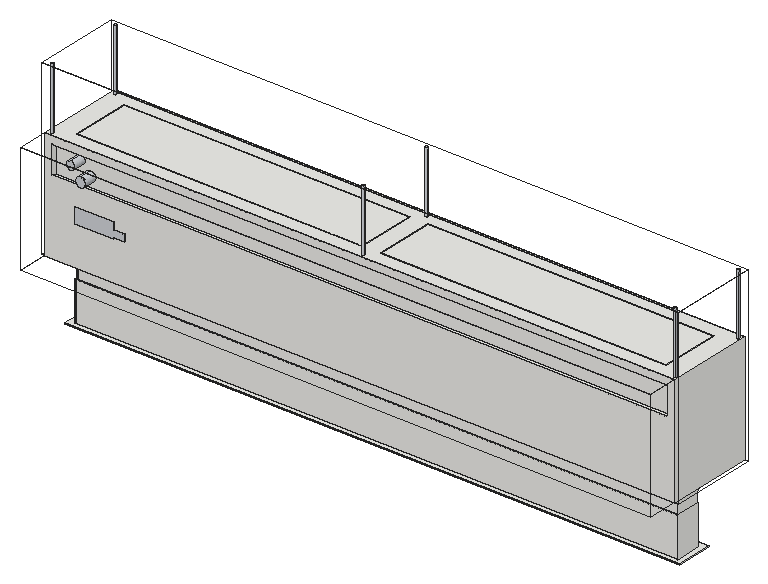
Revit family "AIRTECNICS_AIR CURTAIN_INVISAIR_DX-VRF_(MITSUBISHI ELECTRIC)123", category Mechanical Equipment, Revit 2016
Family settings
  Part Type = Normal
  Round Connector Dimension = Use Diameter
  OmniClass Number = 23.75.70.21.17
  OmniClass Title = Air Curtains
  Work Plane-Based = No
  Always vertical = Yes
  Cut with Voids When Loaded = No
  Shared = No
  Room Calculation Point = No
Parameters (values of type "IECG 2000 DX22-ME")
  · POSITION · [instance] = "-/ Select Curtain Position /-"  # constant formula
  · PIPES POSITION · [instance] = "-/ Select Pipes Position /-"  # constant formula
  · OTHERS · [instance] = "-/ Select Supports - Inst.Maint. Space /-"  # constant formula
  · KITS CONFIGURATION · [instance] = "-/ Configure Length Kit /-"  # constant formula
  · HEATING · = "-/ Select Heating /-"  # constant formula
  · EXTERNAL UNIT · [instance] = "-/ Select External Unit Type /-"  # constant formula
  · COIL ROWS · = "-/ Select DX Coil Rows /-"  # constant formula
  Weight [instance] = size_lookup(Name_Lookup_Data, "Weight", 1.00 kg, CM, CT, CH, CR, CDX)  # 89.00 kg
  Voltage [instance] = 230 V  # constant formula
  URL_Manufacturer = "https://www.airtecnics.com/"
  URL_Datasheet = "https://www.airtecnics.com/download/file/5889/invisair-dx-mitsubishi-electric-1-1-and-vrf.pdf"
  Triple Phase (External Ut.) [instance] = no
  Supports Length [instance] = 200.0 mm
  Supports (Horizontal) [instance] = yes
  Special Installation [instance] = no
  Single Phase (External Ut.) [instance] = not([Triple Phase (External Ut.)])  # yes
  Revit Version = "Revit 2016 - English"  # constant formula
  Review Date = "11/2018"  # constant formula
  Remote Control = "-"  # constant formula
  URL = "https://www.airtecnics.com/products/heat-pump-air-curtain-invisair-dx-for-mitsubishi-electric"
  Refrigerant Pipes_P4 [instance] = no
  Refrigerant Pipes_P3 [instance] = no
  Refrigerant Pipes_P2 (Stn) [instance] = if(or(Refrigerant Pipes_P1, Refrigerant Pipes_P3, Refrigerant Pipes_P4), 1 = 0, 1 = 1)  # yes
  Refrigerant Pipes_P1 [instance] = no
  Product Size = if(L = 1500.0 mm, "1500", if(L = 2000.0 mm, "2000", "2500"))  # "2000"
  Product Reference [instance] = size_lookup(Name_Lookup_Ref, "", "Consult Manufacturer", CM, CT, CH, CR, CDX)  # "IECG 2000 DX22-ME"
  Product Heating [instance] = if(DX 1:1, "Direct Expansion 1:1 system", "Direct Expansion VRF system")  # "Direct Expansion 1:1 system"
  Product Description [instance] = size_lookup(Name_Lookup_Data, "", "Consult Manufacturer", CM, CT, CH, CR, CDX)  # "Energy saving heat pump air curtain: Up to 70% reduction in costs and CO2 emissions (heating mode).\r\nSpecially designed for applications where the body of the air curtain is to be installed inside a column or bulkhead for architectural reasons. It can be vertically or horizontally mounted.\r\nSelf-supporting casing construction made of galvanized steel plate, finished in structural epoxy-polyester painting white colour RAL9016 as standard. Other colours or stainless steel are available on request. \r\nThe air flow of Invisair follows a straight line from the air inlet grille to the to the discharge. Inlet area inside a bulkhead or column should be designed with suitable grille provided by others.\r\nAnodized aluminium outlet vanes, airfoil shaped, adjustable from 0 to 15º each side.\r\nDouble-inlet centrifugal fans driven by an external rotor motor and low noise level. 5-speed selector. EC models assembled with very low consumption efficiency fans. \r\nIncludes only heating direct expansion coil with installed temperature sensors.\r\nPlug&Play control panel CS-5DX-NE slave DX with 5 speeds selector and 7m telephone cable included.\r\nReady to connect to MITSUBISHI ELECTRIC Standard and Power Inverter outdoor heat pump unit (R410A) with expansion valve, not included, the customer should purchase it.\r\nRequires PAC-IF012B-E MITSUBISHI ELECTRIC DX Interface KIT adapted for air curtain and PAR-33MAA programmable control, please consult.\r\nAir Volume: 4380 m3/h \r\nFans:  0,426 kW  3,72 A 230Vx1 50/60Hz\r\nHeating capacity: 22,40 kW\r\nDimensions: 285x570/620x2055 mm (depth, height, length), including telescopic outlet for easy installation.\r\nNOT SUPPLIED BY AIRTÈCNICS:\r\nPAC-IF012B-E Interface DX kit and PAR-33MAA programmable control.\r\nExternal unit:\r\n PUHZ-ZRP200YKAExternal unit with direct expansion valve Mitsubishi Electric, triple phase motor 400Vx3 50Hz.\r\nHeating capacity 22,4kW. Heating power: 6,94kW. COP 3,23.\r\nCooling capacity 19kW. Cooling power 6,46kW. EER 2,94.\r\nCooling circuits 1\" - 3/8\".\r\nMaximum length 100m.\r\nMaximum slope 30m."
  Power Fans Factor [instance] = size_lookup(Name_Lookup_Data, "Power Fans Factor", 1, CM, CT, CH, CR, CDX)  # 0.5
  Power Fans [instance] = size_lookup(Name_Lookup_Data, "Power Fans", 1 kW, CM, CT, CH, CR, CDX)  # 0.426 kW
  P = 1 = 1  # yes
  Outlet Kit Length [instance] = 0.0 mm
  Noise Level (dB(A)) [instance] = size_lookup(Name_Lookup_Data, "Noise Level (dB(A))", 1, CM, CT, CH, CR, CDX)  # 63
  Name_Lookup_Ref_EU = "INVISAIR_(DX)_ME_Ref_EU_Lookup"  # constant formula
  Name_Lookup_Ref = "INVISAIR_(DX)_ME_Ref_Lookup"  # constant formula
  Name_Lookup_Data4 = "INVISAIR_(DX)_ME_DXkit_Lookup"  # constant formula
  Name_Lookup_Data3 = "INVISAIR_(DX)_ME_Mainfolds_Lookup"  # constant formula
  Name_Lookup_Data2 = "INVISAIR_(DX)_ME_ExpValve_Lookup"  # constant formula
  Name_Lookup_Data = "INVISAIR_(DX)_ME_Data_Lookup"  # constant formula
  Model = "Air Curtain Invisair DX/VRF Mitsubishi Electric"  # constant formula
  Material Grille = AIRTECNICS_Perforated_Invisair_White RAL 9016
  Material Curtain [instance] = AIRTECNICS_White RAL 9016
  Mainfolds [instance] = size_lookup(Name_Lookup_Data3, "", "Consult Manufacturer", CM, CT, CH, CR, CDX)  # "1\" & 3/8"
  Length = if(L > 1500.0 mm, L + 55.0 mm, L + 50.0 mm)  # 2055.0 mm
  Kits Range [instance] = "Min. 210 mm / Max. 260 mm"  # constant formula
  Height [instance] = 570.0 mm + Outlet Kit Length - 210.0 mm + Depth - Depth  # 360.0 mm
  Heating Capacity [instance] = size_lookup(Name_Lookup_Data, "Heating Capacity", 1 kW, CM, CT, CH, CR, CDX)  # 22.4 kW
  Gas Coil Volume [instance] = size_lookup(Name_Lookup_Data, "Gas Coil Volume", 1.00 m³, CM, CT, CH, CR, CDX)  # 0.0041 m³
  G = 1 = 1  # yes
  Frequency = 50 Hz  # constant formula
  Fans Stage = 5  # constant formula
  Family Version = "1.0"  # constant formula
  External Ut. Reference [instance] = size_lookup(Name_Lookup_Ref_EU, "", "Consult Manufacturer", CM, CT, CH, CR, CEU, CDX)  # "Only Triple Phase"
  Expansion Valve [instance] = size_lookup(Name_Lookup_Data2, "", "Consult Manufacturer", CM, CT, CH, CR, CDX)  # "Included on External Unit"
  EC = 1 = 1  # yes
  Dn_Metric_Refrig_Liquid [instance] = size_lookup(Name_Lookup_Data3, "Dn_Liquid", 1 mm, CM, CT, CH, CR, CDX)  # 10 mm
  Dn_Metric_Refrig_Gas [instance] = size_lookup(Name_Lookup_Data3, "Dn_Gas", 1 mm, CM, CT, CH, CR, CDX)  # 25 mm
  Depth = 285.0 mm  # constant formula
  DX VRF = not(DX 1:1)  # no
  DX Kit [instance] = size_lookup(Name_Lookup_Data4, "", "Consult Manufacturer", CM, CT, CH, CR, CDX)  # "PAC-IF012B-E"
  DX Controller [instance] = "PAR-33MAA"  # constant formula
  DX Coil Rows = 4 = yes
  DX Coil Rows = 3 = not([DX Coil Rows = 4])  # no
  DX 1:1 = yes
  Current Fans [instance] = size_lookup(Name_Lookup_Data, "Current Fans", 1 A, CM, CT, CH, CR, CDX)  # 3.72 A
  Created by = "BIMETRICAL"  # constant formula
  Control [instance] = "CS-5DX-NE"  # constant formula
  Capacity_Frig_Liquid [instance] = 0.0 L/s
  Capacity_Frig_Gas [instance] = 0.0 L/s
  Cable = "CB7"  # constant formula
  CT [instance] = if(L = 1000.0 mm, 2, 0) + if(L = 1500.0 mm, 4, 0) + if(L = 2000.0 mm, 8, 0) + if(L = 2500.0 mm, 16, 0) + if(L = 3000.0 mm, 32, 0)  # 8
  CR [instance] = if([DX Coil Rows = 3], 4, 2)  # 2
  CM [instance] = 12
  CH [instance] = if(DX 1:1, 2, 4)  # 2
  CEU [instance] = if([Single Phase (External Ut.)], 2, 4)  # 2
  CDX = 0
  Aspiration/Maintenance Space [instance] = yes
  Apparent Load [instance] = size_lookup(Name_Lookup_Data, "Apparent Load", 1 VA, CM, CT, CH, CR, CDX)  # 568 VA
  Airflow [instance] = size_lookup(Name_Lookup_Data, "Airflow", 1 m³/h, CM, CT, CH, CR, CDX)  # 4380 m³/h
  L = 2000.0 mm
  Type Image = <None>
  IfcExportType = "DXCOOLINGCOIL"  # constant formula
  IfcExportAs = "IfcCoilType"  # constant formula
  Horizontal [instance] = 1 = 1  # yes
  Manufacturer = "AIRTECNICS"  # constant formula
  Description = ""
  Type Comments = "Energy saving heat pump air curtain: Up to 70% reduction in costs and CO2 emissions (heating mode).\r\nSpecially designed for applications where the body of the air curtain is to be installed inside a column or bulkhead for architectural reasons. It can be vertically or horizontally mounted.\r\nSelf-supporting casing construction made of galvanized steel plate, finished in structural epoxy-polyester painting white colour RAL9016 as standard. Other colours or stainless steel are available on request.\r\nThe air flow of Invisair follows a straight line from the air inlet grille to the to the discharge. Inlet area inside a bulkhead or column should be designed with suitable grille provided by others.\r\nAnodized aluminium outlet vanes, airfoil shaped, adjustable from 0 to 15º each side.\r\nDouble-inlet centrifugal fans driven by an external rotor motor and low noise level. 5-speed selector. EC models assembled with very low consumption efficiency fans.\r\nIncludes only heating direct expansion coil with installed temperature sensors.\r\nPlug&Play control panel CS-5DX-NE slave DX with 5 speeds selector and 7m telephone cable included.\r\nDX 1:1:\r\nReady to connect to MITSUBISHI ELECTRIC Standard and Power Inverter outdoor heat pump unit (R410A) with expansion valve, not included, the customer should purchase it.\r\nRequires MITSUBISHI ELECTRIC DX Interface KIT adapted for air curtain and programmable control, please consult.\r\nDX VRF:\r\nReady to connect to MITSUBISHI ELECTRIC VRF outdoor heat pump unit (R410A), not included, the customer should purchase it.\r\nRequires MITSUBISHI ELECTRIC VRF Interface KIT adapted for air curtain with expansion valve and programmable control, please consult.\r\n"  # constant formula
  BIMETRICAL Category = "Coil"  # constant formula
  BIMETRICAL = "http://www.bimetrical.com"  # constant formula
Reference planes
  plane 1 "Centro (Frontal/Posterior)": z = 0
  plane 2: y = 246.57
  plane 3 "Centro (Izquierda/Derecha)": x = 0
Nested families
  nested 1: "GEOM_INVISAIR_(DX)" at (0, 246.57, 0), Outlet Kit Lenght <- "Outlet Kit Length", Supports (Horizontal) <- "Supports (Horizontal)", Aspiration/Maintenance Space <- "Aspiration/Maintenance Space", P1 <- "Refrigerant Pipes_P1", P3 <- "Refrigerant Pipes_P3", P4 <- "Refrigerant Pipes_P4", SPCI <- "Special Installation", type "GEOM_INVISAIR_(DX)"
    with Vertical Right no, Vertical Left no, VSUP yes, VPE no, VPD no, Supports (Horizontal) yes, STNI yes, SPCI no, P4 no, P3 no, P2 yes, P1 no, Outlet Kit Lenght 0.0 mm, OKL 210.0 mm, L3 10.0 mm, L2 10.0 mm, L1 176.22 mm, Horizontal yes, C_P 2, C_L 4, CH_4 235.0 mm, CH_3 37.0 mm, CH_2 139.0 mm, CH_1 275.86 mm, CC_4 50.0 mm, CC_3 221.89 mm, CC_2 106.0 mm, CC_1 313.83 mm, Aspiration/Maintenance Space yes, AH -90.00°, AC -90.00°, L* 2055.0 mm, L 2000.0 mm
Connectors
  electrical at (-825.125, 103.07, 148.65), driven by "Voltage", driven by "Apparent Load", driven by "Power Fans Factor"
    settings: on nested 1, index 1, voltage 230 V, apparent load 568 VA, apparent load phase1 0 VA, apparent load phase2 0 VA, apparent load phase3 0 VA, power factor 0.5, load classification "HVAC", number of poles 1, system type 30, power factor state 1, is connector primary yes, connector utility no, sub classification motor no, connector description ""
  piping at (-921.5, 77.18, 313.889), diameter 10, driven by "Capacity_Frig_Liquid", driven by "Dn_Metric_Refrig_Liquid"
    settings: on nested 1, index 2, connector inside diameter 609.6 mm, connector length 0.0 mm, flow factor 0, pipe flow 0.0 L/s, pressure drop 0.0 Pa, fitting loss kfactor 0, connector angle 0.00°, fixture units 0, engagement length 0.0 mm, angle of deflection 0.00°, flow configuration 1, flow direction 2, fitting loss method 0, system type 8, joint type 0, gender type 0, connector reference index -1, connector utility 0, adjustable connector no, is connector primary yes, connector description "Out"
  piping at (-888.5, 77.07, 275.86), diameter 25, driven by "Capacity_Frig_Gas", driven by "Dn_Metric_Refrig_Gas"
    settings: on nested 1, index 3, connector inside diameter 609.6 mm, connector length 0.0 mm, flow factor 0, pipe flow 0.0 L/s, pressure drop 0.0 Pa, fitting loss kfactor 0, connector angle 0.00°, fixture units 0, engagement length 0.0 mm, angle of deflection 0.00°, flow configuration 1, flow direction 1, fitting loss method 0, system type 7, joint type 0, gender type 0, connector reference index -1, connector utility 0, adjustable connector no, is connector primary no, connector description "In"
Definition of nested family "GEOM_INVISAIR_(DX)"
  Parameters (values of type "GEOM_INVISAIR_(DX)")
    Vertical Right [instance] = 1 = 0  # no
    Vertical Left [instance] = 1 = 0  # no
    VSUP [instance] = if(and(Horizontal, [Supports (Horizontal)]), 1 = 1, 1 = 0)  # yes
    VPE [instance] = Vertical Left  # no
    VPD [instance] = Vertical Right  # no
    Supports Length = 200.0 mm
    Supports (Horizontal) [instance] = yes
    STNI [instance] = not(SPCI)  # yes
    SPCI [instance] = no
    Revit Version = "Revit 2016 - English"  # constant formula
    Review Date = "11/2018"  # constant formula
    P4 [instance] = yes
    P3 [instance] = no
    P2 [instance] = not(or(P1, P3, P4))  # no
    P1 [instance] = no
    P = 1 = 1  # yes
    Outlet Kit Lenght [instance] = 210.0 mm
    OKL [instance] = if(Outlet Kit Lenght > 260.0 mm, 260.0 mm, if(Outlet Kit Lenght < 210.0 mm, 210.0 mm, Outlet Kit Lenght))  # 210.0 mm
    Name_CH = "CH_Dimensions_Lookup"  # constant formula
    Name_CC = "CC_Dimensions_Lookup"  # constant formula
    Model = "INVISAIR (DX)"  # constant formula
    Material Grille = none
    Material Curtain = none
    Manufacturer = "AIRTECNICS"  # constant formula
    L_sup = if(Supports Length = 0.0 mm, 1.0 mm, Supports Length)  # 200.0 mm
    L6 = 0.0 mm  # constant formula
    L5 = 0.0 mm  # constant formula
    L4 = 0.0 mm  # constant formula
    L3 [instance] = if(and(P, P4), 100.0 mm, 10.0 mm)  # 100.0 mm
    L2 [instance] = if(and(P, P1), 100.0 mm, 10.0 mm)  # 10.0 mm
    L1 [instance] = if(STNI, 176.22 mm, 108.78 mm)  # 176.22 mm
    L* = if(L < 2000.0 mm, L + 50.0 mm, L + 55.0 mm)  # 1550.0 mm
    L = 1500.0 mm
    Horizontal [instance] = 1 = 1  # yes
    Family Version = "1.0"  # constant formula
    Default Elevation = 1219.2 mm
    D_P = 20.00 mm
    Created by = "BIMETRICAL"  # constant formula
    C_P [instance] = if(P1, 1, 0) + if(P2, 2, 0) + if(P3, 4, 0) + if(P4, 8, 0)  # 8
    C_L [instance] = if(L = 1500.0 mm, 2, 0) + if(L = 2000.0 mm, 4, 0) + if(L = 2500.0 mm, 8, 0)  # 2
    CH_4 [instance] = size_lookup(Name_CH, "CH_4", 235.0 mm, C_L, C_P)  # 50.0 mm
    CH_3 [instance] = size_lookup(Name_CH, "CH_3", 37.0 mm, C_L, C_P)  # 106.0 mm
    CH_2 [instance] = size_lookup(Name_CH, "CH_2", 139.0 mm, C_L, C_P)  # 1444.0 mm
    CH_1 [instance] = size_lookup(Name_CH, "CH_1", 275.86 mm, C_L, C_P)  # 277.52 mm
    CC_4 [instance] = size_lookup(Name_CC, "CC_4", 50.0 mm, C_L, C_P)  # 235.0 mm
    CC_3 [instance] = size_lookup(Name_CC, "CC_3", 221.89 mm, C_L, C_P)  # 139.17 mm
    CC_2 [instance] = size_lookup(Name_CC, "CC_2", 106.0 mm, C_L, C_P)  # 1410.83 mm
    CC_1 [instance] = size_lookup(Name_CC, "CC_1", 313.86 mm, C_L, C_P)  # 307.52 mm
    BIMETRICAL = "http://www.bimetrical.com/"  # constant formula
    B1 = 0.0 mm  # constant formula
    B = 0.0 mm  # constant formula
    Aspiration/Maintenance Space [instance] = yes
    AH [instance] = size_lookup(Name_CH, "AH", 90.00°, C_L, C_P)  # 180.00°
    AC [instance] = size_lookup(Name_CC, "AC", 90.00°, C_L, C_P)  # 180.00°
    A = 0.0 mm  # constant formula
  Reference planes
    plane 1 "Centro (Frontal/Posterior)": y = 0
    plane 2: z = 0
    plane 3 "Centro (Izquierda/Derecha)": x = 0
    plane 4: y = 142.5
    plane 5: y = -142.5
    plane 6: x = -775
    plane 7: x = 775
    plane 8: z = 360
    plane 9: x = -751
    plane 10: x = 751
    plane 11: z = 337
    plane 12: x = -708
    plane 13: x = 708
    plane 14: x = 30
    plane 15: x = -30
    plane 16: y = -96.75
    plane 17: y = 96.75
    plane 18: z = 307.52
    plane 19: z = 277.52
    plane 20: x = 635.83
    plane 21: x = 669
    plane 22: y = -92.5
    plane 23: y = 92.5
    plane 24: x = -762.5
    plane 25: x = 762.5
    plane 26: y = 128.5
    plane 27: y = -128.5
  Forms (mm)
    Extrusion 1, solid, material <- "Material Curtain"
      sketch origin (-1376.546, -1524, 270) x (-1, 0, 0) y (0, -1, 0)
        loop
          line (-601.546, -1666.5) -> (-601.546, -1381.5) -> (-2151.546, -1381.5) -> (-2151.546, -1666.5) -> (-601.546, -1666.5)
      from -270 to 90
    Extrusion 2, void
      sketch origin (-1776.211, -142.5, 1200) x (1, 0, 0) y (0, 0, -1)
        loop
          line (1025.211, 863) -> (2527.211, 863) -> (2527.211, 956) -> (1025.211, 956) -> (1025.211, 863)
      from 13 to 0
    Extrusion 3, void
      sketch origin (-1504.338, -1524, 360) x (-1, 0, 0) y (0, -1, 0)
        loop
          line (-796.338, -1620.75) -> (-796.338, -1427.25) -> (-1474.338, -1427.25) -> (-1474.338, -1620.75) -> (-796.338, -1620.75)
        loop
          line (-1534.338, -1620.75) -> (-1534.338, -1427.25) -> (-2212.338, -1427.25) -> (-2212.338, -1620.75) -> (-1534.338, -1620.75)
      from 0 to -13
    Extrusion 4, solid, material <- "Material Grille"
      sketch origin (-1504.338, -1524, 360) x (-1, 0, 0) y (0, -1, 0)
        loop
          line (-796.338, -1620.75) -> (-796.338, -1427.25) -> (-1474.338, -1427.25) -> (-1474.338, -1620.75) -> (-796.338, -1620.75)
        loop
          line (-1534.338, -1620.75) -> (-1534.338, -1427.25) -> (-2212.338, -1427.25) -> (-2212.338, -1620.75) -> (-1534.338, -1620.75)
      from 0 to -2
    Extrusion 5, solid
      sketch origin (-1776.211, -142.5, 1200) x (-1, 0, 0) y (0, 0, -1)
        loop
          line (-1226.124, 1071.5) -> (-1226.298, 1067.5) -> (-1263.211, 1067.5) -> (-1263.211, 1044.2) -> (-1226.211, 1044.2) -> (-1226.211, 1022.2) -> (-1098.711, 1022.2) -> (-1098.711, 1071.5) -> (-1226.124, 1071.5)
      from 0 to 1
    Extrusion 6, solid, visible <- "P"
      sketch origin (775, -92.5, 307.52) x (0, 0, 1) y (0, -1, 0)
        loop
          circle (0.059, 0) r 13.5
      from 0 to 40
    Extrusion 7, solid, visible <- "P"
      sketch origin (775, 92.5, 278.518) x (0, 0, 1) y (0, -1, 0)
        loop
          circle (-0.998, 0) r 15.5
      from 0 to 40
    Extrusion 8, solid, visible <- "Aspiration/Maintenance Space"
      sketch origin (-1776.211, -142.5, 1200) x (-1, 0, 0) y (0, 0, -1)
        loop
          line (-1001.211, 1200) -> (-1001.211, 840) -> (-2551.211, 840) -> (-2551.211, 1200) -> (-2651.211, 1200) -> (-2651.211, 640) -> (-991.211, 640) -> (-991.211, 1200) -> (-1001.211, 1200)
      from 0 to -285
    Extrusion 9, solid, visible <- "Aspiration/Maintenance Space"
      sketch origin (-1776.211, -142.5, 1200) x (-1, 0, 0) y (0, 0, -1)
        loop
          line (-1001.211, 840) -> (-1001.211, 1200) -> (-2551.211, 1200) -> (-2551.211, 840) -> (-1001.211, 840)
      from 0 to 100
    Extrusion 10, solid, visible <- "VSUP"
      sketch origin (-1504.338, -1524, 360) x (-1, 0, 0) y (0, -1, 0)
        loop
          circle (-741.838, -1652.5) r 4
        loop
          circle (-741.838, -1395.5) r 4
        loop
          circle (-1504.338, -1395.5) r 4
        loop
          circle (-1504.338, -1652.5) r 4
        loop
          circle (-2266.838, -1652.5) r 4
        loop
          circle (-2266.838, -1395.5) r 4
      from -1 to 200
  Cuts and joins
    Extrusion 2, Extrusion 3 cuts Extrusion 1
  Lines and regions (mm)
    reference lines
      curve 1: line (635.83, -92.5, 307.52) -> (775, -92.5, 307.52)
      curve 2: line (669, 92.5, 277.52) -> (775, 92.5, 277.52)
    symbolic lines
      curve 3: line (-775, 142.5, 277.52) -> (775, 142.5, 277.52)
      curve 4: line (-775, -142.5, 277.52) -> (-775, 142.5, 277.52)
      curve 5: line (775, -142.5, 277.52) -> (-775, -142.5, 277.52)
      curve 6: line (775, 142.5, 277.52) -> (775, -142.5, 277.52)
      curve 7: line (-721, -15.69, 277.52) -> (721, -15.69, 277.52)
      curve 8: line (-721, -23.386, 277.52) -> (-721, -15.69, 277.52)
      curve 9: line (721, -23.386, 277.52) -> (-721, -23.386, 277.52)
      curve 10: line (721, -15.69, 277.52) -> (721, -23.386, 277.52)
      curve 11: line (721, -44.054, 277.52) -> (-721, -44.054, 277.52)
      curve 12: line (721, -51.746, 277.52) -> (721, -44.054, 277.52)
      curve 13: line (-721, -51.746, 277.52) -> (721, -51.746, 277.52)
      curve 14: line (-721, -44.054, 277.52) -> (-721, -51.746, 277.52)
    symbolic lines, visible <- "Aspiration/Maintenance Space"
      curve 15: line (-775, 142.5, 277.52) -> (-785, 142.5, 277.52)
      curve 16: line (-785, 142.5, 277.52) -> (-785, -142.5, 277.52)
      curve 17: line (-785, -142.5, 277.52) -> (-775, -142.5, 277.52)
      curve 18: line (775, 142.5, 277.52) -> (875, 142.5, 277.52)
      curve 19: line (875, 142.5, 277.52) -> (875, -142.5, 277.52)
      curve 20: line (875, -142.5, 277.52) -> (775, -142.5, 277.52)
      curve 21: line (-775, -142.5, 277.52) -> (-775, -242.5, 277.52)
      curve 22: line (-775, -242.5, 277.52) -> (775, -242.5, 277.52)
      curve 23: line (775, -242.5, 277.52) -> (775, -142.5, 277.52)
      curve 24: line (-775, -142.5, 0) -> (-785, -142.5, 0)
      curve 25: line (-785, -142.5, 0) -> (-785, -142.5, 560)
      curve 26: line (-785, -142.5, 560) -> (875, -142.5, 560)
      curve 27: line (875, -142.5, 560) -> (875, -142.5, 0)
      curve 28: line (875, -142.5, 0) -> (775, -142.5, 0)
      curve 29: line (-775, -142.5, 0) -> (-775, -242.5, 0)
      curve 30: line (-775, -242.5, 0) -> (-775, -242.5, 360)
      curve 31: line (-775, -242.5, 360) -> (-775, -142.5, 360)
      curve 32: line (-775, -142.5, 360) -> (-775, -142.5, 560)
      curve 33: line (-775, -142.5, 560) -> (-775, 142.5, 560)
      curve 34: line (-775, 142.5, 560) -> (-775, 142.5, 360)
  Dimensions and locks
    equal spacing: plane 5, plane 1 "Centro (Frontal/Posterior)", plane 4
    locked: plane 5 to plane 4 at 285
    equal spacing: plane 6, plane 3 "Centro (Izquierda/Derecha)", plane 7
    "L*": plane 6 to plane 7
    locked: plane 8 to plane 2 at 360
    locked: plane 9 to plane 6 at 24
    locked: plane 10 to plane 7 at 24
    locked: plane 8 to plane 11 at 23
    locked: plane 6 to plane 12 at 67
    plane 13 to plane 7 = 67.0 mm
    plane 3 "Centro (Izquierda/Derecha)" to plane 14 = 30.0 mm
    plane 3 "Centro (Izquierda/Derecha)" to plane 15 = 30.0 mm
    locked: plane 16 to plane 5 at 45.75
    locked: plane 17 to plane 4 at 45.75
    locked: plane 11 to Extrusion 2 sketch curve at 93
    "CC_1": plane 18 to level
    "CH_1": plane 19 to level
    "CC_2": plane 20 to plane 6
    "CH_2": plane 21 to plane 6
    "CC_4": plane 4 to plane 22
    "CH_4": plane 4 to plane 23
    "CC_3": curve 1 to curve 1
    "CH_3": curve 2 to curve 2
    locked: level to nested 1 at 0
    "L1": plane 4 to nested 1
    "L2": plane 6 to Extrusion 8 sketch curve
    "L3": plane 7 to Extrusion 8 sketch curve
    locked: plane 6 to plane 24 at 12.5
    locked: plane 25 to plane 7 at 12.5
    locked: plane 4 to plane 26 at 14
    locked: plane 5 to plane 27 at 14
    "Supports Length": Extrusion 10 to plane 8
    locked: Extrusion 5 sketch curve to plane 6 at 97.5
    locked: Extrusion 5 sketch curve to plane 6 at 262
    Extrusion 9 to plane 20 = 1410.83 mm
    Extrusion 9 to plane 21 = 106.0 mm
    diameter of Extrusion 7 sketch curve = 31.0 mm
    diameter of Extrusion 6 sketch curve = 27.0 mm
    "AC": angle curve 1 to plane 22
    "AH": angle curve 2 to plane 23
    aligned and locked: level to plane 2
    aligned and locked: Extrusion 1 sketch curve to plane 4
    aligned and locked: plane 6 to Extrusion 1 sketch curve
    aligned and locked: Extrusion 1 sketch curve to plane 5
    aligned and locked: plane 7 to Extrusion 1 sketch curve
    aligned and locked: Extrusion 1 to level
    aligned and locked: plane 8 to Extrusion 1
    aligned and locked: plane 9 to Extrusion 2 sketch curve
    aligned and locked: plane 10 to Extrusion 2 sketch curve
    aligned and locked: plane 5 to cut or joined group of Extrusion 1, Extrusion 2, Extrusion 3
    aligned and locked: plane 17 to Extrusion 3 sketch curve  (x2)
    aligned and locked: plane 12 to Extrusion 3 sketch curve
    aligned and locked: plane 16 to Extrusion 3 sketch curve  (x2)
    aligned and locked: Extrusion 3 sketch curve to plane 15
    aligned and locked: Extrusion 3 sketch curve to plane 14
    aligned and locked: plane 13 to Extrusion 3 sketch curve
    aligned and locked: plane 12 to Extrusion 4 sketch curve
    aligned and locked: plane 17 to Extrusion 4 sketch curve
    aligned and locked: plane 13 to Extrusion 4 sketch curve
    aligned and locked: Extrusion 4 sketch curve to plane 14
    aligned and locked: Extrusion 4 sketch curve to plane 15
    aligned and locked: plane 22 to curve 1
    aligned and locked: plane 20 to curve 1
    aligned and locked: plane 23 to curve 2
    aligned and locked: plane 21 to curve 2
    aligned and locked: Extrusion 5 to plane 5
    aligned and locked: curve 3 to cut or joined group of Extrusion 1, Extrusion 2, Extrusion 3
    aligned and locked: curve 4 to cut or joined group of Extrusion 1, Extrusion 2, Extrusion 3
    aligned and locked: curve 5 to cut or joined group of Extrusion 1, Extrusion 2, Extrusion 3
    aligned and locked: curve 6 to cut or joined group of Extrusion 1, Extrusion 2, Extrusion 3
    aligned and locked: curve 8 to nested 1
    aligned and locked: curve 9 to nested 1
    aligned and locked: curve 10 to nested 1
    aligned and locked: curve 11 to nested 1
    aligned and locked: curve 12 to nested 1
    aligned and locked: curve 13 to nested 1
    aligned and locked: curve 14 to nested 1
    aligned and locked: Extrusion 9 sketch curve to cut or joined group of Extrusion 1, Extrusion 2, Extrusion 3  (x2)
    aligned and locked: curve 19 to Extrusion 8
    aligned and locked: curve 22 to Extrusion 9
    aligned and locked: Extrusion 9 to plane 6
    aligned and locked: curve 27 to Extrusion 8
    aligned and locked: plane 24 to Extrusion 10 sketch curve
    aligned and locked: plane 26 to Extrusion 10 sketch curve  (x3)
    aligned and locked: plane 27 to Extrusion 10 sketch curve  (x3)
    aligned and locked: plane 3 "Centro (Izquierda/Derecha)" to Extrusion 10 sketch curve
    aligned and locked: curve 25 to Extrusion 8
    aligned and locked: curve 16 to Extrusion 8
    aligned and locked: plane 7 to Extrusion 9 sketch curve
  Automatic sketch dimensions
    Extrusion 2 sketch curve to plane 11 = 0.0 mm
    plane 17 to Extrusion 4 sketch curve = 0.0 mm
    Extrusion 4 sketch curve to plane 16 = 0.0 mm  (x2)
    Extrusion 5 sketch curve to Extrusion 5 sketch curve = 36.913 mm
    Extrusion 5 sketch curve to Extrusion 5 sketch curve = 0.087 mm
    Extrusion 5 sketch curve to Extrusion 5 sketch curve = 0.175 mm
    Extrusion 5 sketch curve to level = 128.5 mm
    Extrusion 5 sketch curve to Extrusion 5 sketch curve = 4.0 mm
    Extrusion 5 sketch curve to Extrusion 5 sketch curve = 23.3 mm
    Extrusion 5 sketch curve to Extrusion 5 sketch curve = 49.3 mm
    curve 8 to curve 8 = 7.696 mm
    Extrusion 9 sketch curve to level = 0.0 mm
    curve 28 to level = 0.0 mm
    plane 7 to curve 28 = 0.0 mm
    curve 24 to plane 6 = 0.0 mm
    curve 25 to level = 0.0 mm
    curve 26 to plane 8 = 200.0 mm
    Extrusion 10 sketch curve to plane 25 = 0.0 mm  (x2)
    Extrusion 10 sketch curve to plane 3 "Centro (Izquierda/Derecha)" = 0.0 mm
    Extrusion 10 sketch curve to plane 24 = 0.0 mm
    plane 18 to Extrusion 6 sketch curve = 0.059 mm
    Extrusion 7 sketch curve to plane 19 = 0.0 mm
    Extrusion 6 sketch curve to plane 22 = 0.0 mm
    Extrusion 7 sketch curve to plane 23 = 0.0 mm
    curve 30 to plane 8 = 0.0 mm
    curve 29 to plane 5 = 0.0 mm
    curve 31 to plane 5 = 0.0 mm
    curve 33 to plane 4 = 0.0 mm
    curve 34 to plane 8 = 0.0 mm
    curve 31 to curve 31 = 100.0 mm
    level to curve 30 = 0.0 mm
    plane 8 to curve 33 = 200.0 mm
    plane 7 to Extrusion 8 sketch curve = 0.0 mm
    Extrusion 8 sketch curve to level = 0.0 mm  (x2)
    Extrusion 8 sketch curve to plane 6 = 0.0 mm
    Extrusion 8 sketch curve to plane 8 = 0.0 mm
    Extrusion 8 sketch curve to plane 8 = 200.0 mm
    radius of Extrusion 10 sketch curve = 4.0 mm  (x6)
  Nested families
    nested 1: "GEOM_INVISAIR_OUTLET KIT" at (0, -280.29, -210), L <- "L", Outlet Kit Length <- "OKL", Material <- "Material Curtain", type "Outlet Kit"
      with Vi3 yes, Vi2 no, Vi1 yes, Outlet Kit Length 210.0 mm, Material none, L-45 1454.0 mm, L-39 1460.0 mm, L-2 1498.0 mm, L-16 1496.0 mm, L* 1550.0 mm, L 1500.0 mm
  Definition of nested family "GEOM_INVISAIR_OUTLET KIT"
    Parameters (values of type "Outlet Kit")
      Vi3 [instance] = yes
      Vi2 [instance] = if(L > 2200.0 mm, 1 = 1, 1 = 0)  # no
      Vi1 [instance] = if(L > 2200.0 mm, 1 = 0, 1 = 1)  # yes
      URL = "https://www.airtecnics.com/products/air-curtain-windbox-m-g"
      Revit Version = "Revit 2016 - English"  # constant formula
      Review Date = "10/18"  # constant formula
      Model = "Outlet Kit"  # constant formula
      Outlet Kit Length [instance] = 210.0 mm
      Material [instance] = none
      L-45 [instance] = [L*] - 96.0 mm  # 1454.0 mm
      L-39 [instance] = [L*] - 90.0 mm  # 1460.0 mm
      L-2 [instance] = [L*] - 52.0 mm  # 1498.0 mm
      L-16 [instance] = [L*] - 54.0 mm  # 1496.0 mm
      Type Image = (empty or 0)
      Manufacturer = "AIRTECNICS"  # constant formula
      Li1 = 1.0 mm
      L* [instance] = if(L < 2000.0 mm, L + 50.0 mm, L + 55.0 mm)  # 1550.0 mm
      L [instance] = 1500.0 mm
      Family Version = "1.0"  # constant formula
      Description = "AIRTECNICS_Air curtain Windbox M,G"  # constant formula
      Type Comments = ""
      Default Elevation = 1219.2 mm
      Created by = "BIMETRICAL"  # constant formula
      BIMETRICAL Category = "Fan"  # constant formula
      BIMETRICAL = "http://www.bimetrical.com/"  # constant formula
    Reference planes
      plane 1 "Centro (Frontal/Posterior)": z = 0
      plane 2: y = 246.57
      plane 3 "Centro (Izquierda/Derecha)": x = 0
      plane 4: x = -775
      plane 5: x = 775
      plane 6: x = -749
      plane 7: x = 749
      plane 8: x = -730
      plane 9: x = 730
      plane 10: x = 727
      plane 11: x = -727
      plane 12: z = 1
      plane 13: y = 205.57
      plane 14: y = 194.57
      plane 15: y = 284.07
      plane 16: y = 298.57
      plane 17: y = 209.07
      plane 18: y = 287.57
      plane 19: z = 209
      plane 20: z = 210
      plane 21: z = 109.617
      plane 22: z = 130
      plane 23: y = 187.07
      plane 24: y = 306.07
      plane 25: x = -748
      plane 26: x = 748
      plane 27: x = -721
      plane 28: x = 721
      plane 29: x = -242.333
      plane 30: x = 242.333
    Forms (mm)
      Extrusion 1, solid, material <- "Material"
        sketch origin (0, -0.907, 0) x (0, 1, 0) y (0, 0, 1)
          loop
            arc (237.142, 59.981) -> (233.296, 64) -> (229.45, 59.981) r 3.85
            line (229.45, 59.981) -> (231.847, 5.386)
            arc (231.847, 5.386) -> (233.296, 4) -> (234.745, 5.386) r 1.45
            line (234.745, 5.386) -> (237.142, 59.981)
          loop
            arc (265.503, 59.981) -> (261.656, 64) -> (257.81, 59.981) r 3.85
            line (257.81, 59.981) -> (260.208, 5.386)
            arc (260.208, 5.386) -> (261.656, 4) -> (263.105, 5.386) r 1.45
            line (263.105, 5.386) -> (265.503, 59.981)
        from -721 to 721
      Extrusion 2, solid, material <- "Material"
        sketch origin (0, 0, 0) x (1, 0, 0) y (0, 1, 0)
          loop
            line (-749, 306.07) -> (-749, 187.07) -> (749, 187.07) -> (749, 306.07) -> (-749, 306.07)
          loop
            line (-730, 205.57) -> (730, 205.57) -> (730, 287.57) -> (-730, 287.57) -> (-730, 205.57)
        from 0 to 1
      Extrusion 3, solid, material <- "Material", visible <- "Vi3"
        sketch origin (0, 0, 0) x (1, 0, 0) y (0, 1, 0)
          loop
            line (-730, 287.57) -> (-730, 205.57) -> (730, 205.57) -> (730, 287.57) -> (-730, 287.57)
          loop
            line (-729, 206.57) -> (729, 206.57) -> (729, 286.57) -> (-729, 286.57) -> (-729, 206.57)
        from 130 to 0
      Extrusion 4, solid, visible <- "Vi1", not visible
        sketch origin (-8, -340.372, 21.524) x (0, 1, 0) y (0, 0, 1)
          loop
            line (332.442, 36.84) -> (332.442, 4.84) -> (364.442, 4.84) -> (364.442, 36.84) -> (332.442, 36.84)
        from -1.5 to 4.5
      Extrusion 5, solid, visible <- "Vi1", not visible
        sketch origin (-4, -340.372, 2.371) x (0, 1, 0) y (0, 0, 1)
          loop
            line (310.942, 75.234) -> (310.942, 5.234) -> (385.942, 5.234) -> (385.942, 75.234) -> (310.942, 75.234)
        from 0.5 to 16.5
      Extrusion 6, solid, visible <- "Vi1", not visible
        sketch origin (-3.189, -340.372, 21.13) x (0, 1, 0) y (0, 0, 1)
          loop
            line (332.442, 37.234) -> (332.442, 5.234) -> (364.442, 5.234) -> (364.442, 37.234) -> (332.442, 37.234)
        from 15.689 to 21.689
      Extrusion 7, solid, visible <- "Vi1"
        sketch origin (-12.5, -101.872, 13.918) x (0, 1, 0) y (0, 0, 1)
          loop
            line (332.442, 36.84) -> (332.442, 4.84) -> (364.442, 4.84) -> (364.442, 36.84) -> (332.442, 36.84)
        from -1.5 to 4.5
      Extrusion 8, solid, visible <- "Vi1"
        sketch origin (-8.5, -101.872, -5.234) x (0, 1, 0) y (0, 0, 1)
          loop
            line (310.942, 75.234) -> (310.942, 5.234) -> (385.942, 5.234) -> (385.942, 75.234) -> (310.942, 75.234)
        from 0.5 to 16.5
      Extrusion 9, solid, visible <- "Vi1"
        sketch origin (-7.689, -101.872, 13.524) x (0, 1, 0) y (0, 0, 1)
          loop
            line (332.442, 37.234) -> (332.442, 5.234) -> (364.442, 5.234) -> (364.442, 37.234) -> (332.442, 37.234)
        from 15.689 to 21.689
      Extrusion 10, solid, visible <- "Vi2"
        sketch origin (-234.042, -101.872, 13.766) x (0, 1, 0) y (0, 0, 1)
          loop
            line (332.442, 36.993) -> (332.442, 4.993) -> (364.442, 4.993) -> (364.442, 36.993) -> (332.442, 36.993)
        from -22.292 to -16.292
      Extrusion 11, solid, visible <- "Vi2"
        sketch origin (-237.395, -101.872, -5.234) x (0, 1, 0) y (0, 0, 1)
          loop
            line (310.942, 75.234) -> (310.942, 5.234) -> (385.942, 5.234) -> (385.942, 75.234) -> (310.942, 75.234)
        from -12.939 to 3.061
      Extrusion 12, solid, visible <- "Vi2"
        sketch origin (-257.072, -101.872, 13.524) x (0, 1, 0) y (0, 0, 1)
          loop
            line (332.442, 37.234) -> (332.442, 5.234) -> (364.442, 5.234) -> (364.442, 37.234) -> (332.442, 37.234)
        from 22.739 to 28.739
      Extrusion 13, solid, visible <- "Vi2", not visible
        sketch origin (-404.625, -340.372, -84.071) x (0, 1, 0) y (0, 0, 1)
          loop
            line (332.442, 36.993) -> (332.442, 4.993) -> (364.442, 4.993) -> (364.442, 36.993) -> (332.442, 36.993)
        from -22.292 to -16.292
      Extrusion 14, solid, visible <- "Vi2", not visible
        sketch origin (-407.978, -340.372, -103.071) x (0, 1, 0) y (0, 0, 1)
          loop
            line (310.942, 75.234) -> (310.942, 5.234) -> (385.942, 5.234) -> (385.942, 75.234) -> (310.942, 75.234)
        from -12.939 to 3.061
      Extrusion 15, solid, visible <- "Vi2", not visible
        sketch origin (-427.656, -340.372, -84.312) x (0, 1, 0) y (0, 0, 1)
          loop
            line (332.442, 37.234) -> (332.442, 5.234) -> (364.442, 5.234) -> (364.442, 37.234) -> (332.442, 37.234)
        from 22.739 to 28.739
      Extrusion 16, solid, visible <- "Vi2"
        sketch origin (250.625, -101.872, 13.766) x (0, 1, 0) y (0, 0, 1)
          loop
            line (332.442, 36.993) -> (332.442, 4.993) -> (364.442, 4.993) -> (364.442, 36.993) -> (332.442, 36.993)
        from -22.292 to -16.292
      Extrusion 17, solid, visible <- "Vi2"
        sketch origin (247.272, -101.872, -5.234) x (0, 1, 0) y (0, 0, 1)
          loop
            line (310.942, 75.234) -> (310.942, 5.234) -> (385.942, 5.234) -> (385.942, 75.234) -> (310.942, 75.234)
        from -12.939 to 3.061
      Extrusion 18, solid, visible <- "Vi2"
        sketch origin (227.594, -101.872, 13.524) x (0, 1, 0) y (0, 0, 1)
          loop
            line (332.442, 37.234) -> (332.442, 5.234) -> (364.442, 5.234) -> (364.442, 37.234) -> (332.442, 37.234)
        from 22.739 to 28.739
      Extrusion 19, solid
        sketch origin (-724, -101.872, 13.766) x (0, 1, 0) y (0, 0, 1)
          loop
            line (332.442, 37.234) -> (332.442, 5.234) -> (364.442, 5.234) -> (364.442, 37.234) -> (332.442, 37.234)
        from -3 to 3
      Extrusion 20, solid, not visible
        sketch origin (-1202.417, -101.872, 27.291) x (0, 1, 0) y (0, 0, 1)
          loop
            line (332.442, 37.234) -> (332.442, 5.234) -> (364.442, 5.234) -> (364.442, 37.234) -> (332.442, 37.234)
        from -3 to 3
      Extrusion 21, solid
        sketch origin (724, -101.872, 13.524) x (0, 1, 0) y (0, 0, 1)
          loop
            line (332.442, 37.234) -> (332.442, 5.234) -> (364.442, 5.234) -> (364.442, 37.234) -> (332.442, 37.234)
        from -3 to 3
      Extrusion 22, solid, material <- "Material"
        sketch origin (0, 0, 0) x (0, 1, 0) y (0, 0, 1)
          loop
            line (336.57, 210) -> (321.57, 210) -> (283.07, 160) -> (283.07, 60) -> (284.07, 60) -> (284.07, 159.66) -> (322.062, 209) -> (336.57, 209) -> (336.57, 210)
          loop
            line (171.077, 209) -> (209.07, 159.66) -> (209.07, 60) -> (210.07, 60) -> (210.07, 160) -> (171.57, 210) -> (156.57, 210) -> (156.57, 209) -> (171.077, 209)
        from -726 to 726.022
      Extrusion 23, solid, material <- "Material"
        sketch origin (0, 0, 0) x (0, 1, 0) y (0, 0, 1)
          loop
            line (171.077, 209) -> (209.07, 159.66) -> (209.07, 60) -> (284.07, 60) -> (284.07, 159.66) -> (322.062, 209) -> (336.57, 209) -> (336.57, 210) -> (156.57, 210) -> (156.57, 209) -> (171.077, 209)
        from -727 to -726
      Extrusion 24, solid, material <- "Material"
        sketch origin (0, 0, 0) x (0, 1, 0) y (0, 0, 1)
          loop
            line (171.077, 209) -> (209.07, 159.66) -> (209.07, 60) -> (284.07, 60) -> (284.07, 159.66) -> (322.062, 209) -> (336.57, 209) -> (336.57, 210) -> (156.57, 210) -> (156.57, 209) -> (171.077, 209)
        from 726.022 to 727
      Extrusion 25, solid, material <- "Material"
        sketch origin (-727, 562.033, 1200) x (0, 1, 0) y (0, 0, 1)
          loop
            line (-225.463, -990) -> (-405.463, -990) -> (-405.463, -991) -> (-225.463, -991) -> (-225.463, -990)
        from 0 to -14.5
      Extrusion 26, solid, material <- "Material"
        sketch origin (727, 566.081, 1200) x (0, 1, 0) y (0, 0, 1)
          loop
            line (-229.511, -990) -> (-409.511, -990) -> (-409.511, -991) -> (-229.511, -991) -> (-229.511, -990)
        from 0 to 14.5
    Cuts and joins
      joined: Extrusion 22, Extrusion 23, Extrusion 24, Extrusion 25, Extrusion 26
    Dimensions and locks
      equal spacing: plane 4, plane 3 "Centro (Izquierda/Derecha)", plane 5
      "L*": plane 4 to plane 5
      equal spacing: plane 6, plane 3 "Centro (Izquierda/Derecha)", plane 7
      "L-2": plane 6 to plane 7
      equal spacing: plane 8, plane 3 "Centro (Izquierda/Derecha)", plane 9
      "L-39": plane 8 to plane 9
      equal spacing: plane 11, plane 3 "Centro (Izquierda/Derecha)", plane 10
      "L-45": plane 11 to plane 10
      plane 21 to plane 20 = 100.383 mm
      plane 1 "Centro (Frontal/Posterior)" to plane 22 = 130.0 mm
      locked: plane 1 "Centro (Frontal/Posterior)" to plane 12 at 1
      locked: plane 19 to plane 20 at 1
      locked: plane 23 to plane 13 at 18.5
      locked: plane 18 to plane 24 at 18.5
      locked: plane 13 to plane 18 at 82
      plane 23 to plane 24 = 119.0 mm
      "Outlet Kit Length": plane 1 "Centro (Frontal/Posterior)" to plane 20
      locked: Extrusion 1 sketch curve to Extrusion 1 sketch curve at 54.7  (x2)
      equal spacing: plane 25, plane 3 "Centro (Izquierda/Derecha)", plane 26
      "L-16": plane 25 to plane 26
      "Li1": Extrusion 3 sketch curve to Extrusion 3 sketch curve  (x4)
      locked: plane 28 to plane 10 at 6
      locked: plane 11 to plane 27 at 6
      equal spacing: plane 11, plane 29, plane 30, plane 10
      locked: Extrusion 4 sketch curve to Extrusion 4 sketch curve at 32  (x2)
      Extrusion 5 sketch curve to Extrusion 5 sketch curve = 70.0 mm
      locked: Extrusion 6 sketch curve to Extrusion 6 sketch curve at 32  (x2)
      locked: Extrusion 7 sketch curve to Extrusion 7 sketch curve at 32  (x2)
      Extrusion 8 sketch curve to Extrusion 8 sketch curve = 70.0 mm
      locked: Extrusion 9 sketch curve to Extrusion 9 sketch curve at 32  (x2)
      locked: Extrusion 10 sketch curve to Extrusion 10 sketch curve at 32  (x2)
      Extrusion 11 sketch curve to Extrusion 11 sketch curve = 70.0 mm
      locked: Extrusion 12 sketch curve to Extrusion 12 sketch curve at 32  (x2)
      locked: Extrusion 11 to plane 29 at 8
      locked: Extrusion 8 to plane 3 "Centro (Izquierda/Derecha)" at 8
      locked: Extrusion 13 sketch curve to Extrusion 13 sketch curve at 32  (x2)
      Extrusion 14 sketch curve to Extrusion 14 sketch curve = 70.0 mm
      locked: Extrusion 15 sketch curve to Extrusion 15 sketch curve at 32  (x2)
      locked: Extrusion 16 sketch curve to Extrusion 16 sketch curve at 32  (x2)
      Extrusion 17 sketch curve to Extrusion 17 sketch curve = 70.0 mm
      locked: Extrusion 18 sketch curve to Extrusion 18 sketch curve at 32  (x2)
      locked: Extrusion 17 to plane 30 at 8
      locked: Extrusion 19 sketch curve to Extrusion 19 sketch curve at 32  (x2)
      locked: Extrusion 20 sketch curve to Extrusion 20 sketch curve at 32  (x2)
      locked: Extrusion 21 sketch curve to Extrusion 21 sketch curve at 32  (x2)
      level to plane 22 = 130.0 mm
      locked: Extrusion 24 to plane 10 at 0.978
      locked: plane 11 to cut or joined group of Extrusion 22, Extrusion 23, Extrusion 24, Extrusion 25, Extrusion 26 at 1
      locked: cut or joined group of Extrusion 22, Extrusion 23, Extrusion 24, Extrusion 25, Extrusion 26 to Extrusion 23 sketch curve at 50.34
      locked: Extrusion 22 sketch curve to plane 20 at 50.34
      locked: Extrusion 24 sketch curve to plane 20 at 50.34
      Extrusion 2 to Extrusion 2 = 1498.0 mm
      cut or joined group of Extrusion 22, Extrusion 23, Extrusion 24, Extrusion 25, Extrusion 26 to cut or joined group of Extrusion 22, Extrusion 23, Extrusion 24, Extrusion 25, Extrusion 26 = 1483.0 mm
      locked: plane 15 to Extrusion 22 sketch curve (angle 37.5963°)
      locked: Extrusion 22 sketch curve to plane 17 (angle 37.5963°)
      locked: plane 15 to Extrusion 23 sketch curve (angle 37.5963°)
      locked: Extrusion 23 sketch curve to plane 17 (angle 37.5963°)
      locked: plane 15 to Extrusion 24 sketch curve (angle 37.5963°)
      locked: Extrusion 24 sketch curve to plane 17 (angle 37.5963°)
      aligned and locked: Extrusion 2 sketch curve to plane 24
      aligned and locked: plane 6 to Extrusion 2 sketch curve
      aligned and locked: plane 23 to Extrusion 2 sketch curve
      aligned and locked: plane 7 to Extrusion 2 sketch curve
      aligned and locked: Extrusion 2 sketch curve to plane 13
      aligned and locked: Extrusion 2 sketch curve to plane 8
      aligned and locked: plane 18 to Extrusion 2 sketch curve
      aligned and locked: plane 9 to Extrusion 2 sketch curve
      aligned and locked: Extrusion 3 sketch curve to plane 18
      aligned and locked: Extrusion 3 sketch curve to plane 9
      aligned and locked: plane 13 to Extrusion 3 sketch curve
      aligned and locked: plane 8 to Extrusion 3 sketch curve
      aligned and locked: plane 1 "Centro (Frontal/Posterior)" to Extrusion 2
      aligned and locked: Extrusion 2 to plane 12
      aligned and locked: Extrusion 3 to plane 22
      aligned and locked: plane 1 "Centro (Frontal/Posterior)" to Extrusion 3
      aligned and locked: Extrusion 1 to plane 27
      aligned and locked: plane 28 to Extrusion 1
      aligned and locked: plane 10 to Extrusion 21
      aligned and locked: Extrusion 8 to Extrusion 7
      aligned and locked: Extrusion 8 to Extrusion 9
      aligned and locked: Extrusion 5 to Extrusion 4
      aligned and locked: Extrusion 5 to Extrusion 6
      aligned and locked: plane 27 to Extrusion 19
      aligned and locked: Extrusion 21 to Extrusion 1
      aligned and locked: Extrusion 22 to Extrusion 23
      aligned and locked: plane 10 to Extrusion 24
      aligned and locked: Extrusion 22 to Extrusion 24
      aligned and locked: cut or joined group of Extrusion 22, Extrusion 23, Extrusion 24, Extrusion 25, Extrusion 26 to plane 11
      aligned and locked: Extrusion 25 sketch curve to cut or joined group of Extrusion 22, Extrusion 23, Extrusion 24, Extrusion 25, Extrusion 26  (x3)
    Automatic sketch dimensions
      plane 2 to Extrusion 1 sketch curve = 18.026 mm
      Extrusion 1 sketch curve to plane 12 = 4.386 mm  (x4)
      plane 2 to Extrusion 1 sketch curve = 15.629 mm
      Extrusion 1 sketch curve to Extrusion 1 sketch curve = 1.449 mm  (x2)
      Extrusion 1 sketch curve to Extrusion 1 sketch curve = 3.846 mm  (x4)
      Extrusion 1 sketch curve to plane 2 = 10.334 mm
      Extrusion 1 sketch curve to plane 2 = 12.732 mm
      Extrusion 1 sketch curve to Extrusion 1 sketch curve = 0.064 mm  (x2)
      Extrusion 1 sketch curve to Extrusion 1 sketch curve = 0.169 mm  (x2)
      Extrusion 17 sketch curve to Extrusion 17 sketch curve = 75.0 mm
      Extrusion 11 sketch curve to Extrusion 11 sketch curve = 75.0 mm
      Extrusion 14 sketch curve to Extrusion 14 sketch curve = 75.0 mm
      Extrusion 8 sketch curve to Extrusion 8 sketch curve = 75.0 mm
      Extrusion 5 sketch curve to Extrusion 5 sketch curve = 75.0 mm
      plane 20 to Extrusion 22 sketch curve = 0.0 mm
      Extrusion 22 sketch curve to plane 19 = 0.0 mm  (x2)
      Extrusion 22 sketch curve to Extrusion 22 sketch curve = 14.508 mm  (x2)
      Extrusion 22 sketch curve to plane 20 = 0.0 mm
      Extrusion 22 sketch curve to Extrusion 22 sketch curve = 0.492 mm  (x2)
      plane 17 to Extrusion 22 sketch curve = 0.0 mm
      plane 17 to Extrusion 22 sketch curve = 1.0 mm
      Extrusion 22 sketch curve to plane 15 = 1.0 mm
      plane 15 to Extrusion 22 sketch curve = 0.0 mm
      plane 24 to Extrusion 22 sketch curve = 15.5 mm
      Extrusion 22 sketch curve to Extrusion 22 sketch curve = 0.34 mm  (x2)
      plane 21 to Extrusion 22 sketch curve = 49.617 mm  (x2)
      Extrusion 23 sketch curve to plane 19 = 0.0 mm  (x2)
      Extrusion 23 sketch curve to Extrusion 23 sketch curve = 14.508 mm  (x2)
      plane 17 to Extrusion 23 sketch curve = 0.0 mm
      plane 15 to Extrusion 23 sketch curve = 0.0 mm
      plane 24 to Extrusion 23 sketch curve = 15.992 mm
      Extrusion 23 sketch curve to plane 20 = 0.0 mm
      plane 21 to Extrusion 23 sketch curve = 49.617 mm
      Extrusion 24 sketch curve to plane 19 = 0.0 mm  (x2)
      Extrusion 24 sketch curve to Extrusion 24 sketch curve = 14.508 mm  (x2)
      plane 17 to Extrusion 24 sketch curve = 0.0 mm
      plane 15 to Extrusion 24 sketch curve = 0.0 mm
      plane 24 to Extrusion 24 sketch curve = 15.992 mm
      Extrusion 24 sketch curve to plane 20 = 0.0 mm
      plane 21 to Extrusion 24 sketch curve = 49.617 mm
      Extrusion 25 sketch curve to plane 20 = 0.0 mm
      Extrusion 26 sketch curve to plane 20 = 0.0 mm
      Extrusion 26 sketch curve to plane 23 = 30.5 mm
      Extrusion 26 sketch curve to plane 19 = 0.0 mm
      plane 24 to Extrusion 26 sketch curve = 30.5 mm
Types (10, lengths in mm): name | Weight | Product Size | Product Reference | Product Heating | Product Description | Power Fans | Noise Level (dB(A)) | Mainfolds | Length | Heating Capacity | Gas Coil Volume | External Ut. Reference | Expansion Valve | Dn_Metric_Refrig_Liquid | Dn_Metric_Refrig_Gas | DX VRF | DX Kit | DX Coil Rows = 4 | DX Coil Rows = 3 | DX 1:1 | Current Fans | CT | CR | CH | CDX | Apparent Load | Airflow | L
  IECG 2500 VRF29-ME | 94.00 kg | "2500" | "IECG 2500 VRF29-ME" | "Direct Expansion VRF system" | "Energy saving heat pump air curtain: Up to 70% reduction in costs and CO2 emissions (heating mode).\r\nSpecially designed for applications where the body of the air curtain is to be installed inside a column or bulkhead for architectural reasons. It can be vertically or horizontally mounted.\r\nSelf-supporting casing construction made of galvanized steel plate, finished in structural epoxy-polyester painting white colour RAL9016 as standard. Other colours or stainless steel are available on request. \r\nThe air flow of Invisair follows a straight line from the air inlet grille to the to the discharge. Inlet area inside a bulkhead or column should be designed with suitable grille provided by others.\r\nAnodized aluminium outlet vanes, airfoil shaped, adjustable from 0 to 15º each side.\r\nDouble-inlet centrifugal fans driven by an external rotor motor and low noise level. 5-speed selector. EC models assembled with very low consumption efficiency fans. \r\nIncludes only heating direct expansion coil with installed temperature sensors.\r\nPlug&Play control panel CS-5DX-NE slave DX with 5 speeds selector and 7m telephone cable included.\r\nReady to connect to MITSUBISHI ELECTRIC VRF outdoor heat pump unit (R410A), not included, the customer should purchase it.\r\nRequires PAC-AH250M-J MITSUBISHI ELECTRIC VRF Interface KIT adapted for air curtain with expansion valve and  PAR-33MAA programmable control, please consult.\r\nAir Volume: 5110 m3/h \r\nFans:  0,497 kW  4,34 A 230Vx1 50/60Hz\r\nHeating capacity: 28,89 kW\r\nDimensions: 285x570/620x2555 mm (depth, height, length), including telescopic outlet for easy installation.\r\nNOT SUPPLIED BY AIRTÈCNICS:\r\nPAC-AH250M-J Interface VRF kit and PAR-33MAA programmable control.\r\nExternal unit VRF." | 0.497 kW | 64 | "1\" & 1/2" | 2555.0 | 28.89 kW | 0.0053 m³ | "Not available" | "Included on DX Kit" | 15 | 25 | yes | "PAC-AH250M-J" | yes | no | no | 4.34 A | 16 | 2 | 4 | 0 | 994 VA | 5110 m³/h | 2500.0
  IECG 2500 VRF25-ME | 94.00 kg | "2500" | "IECG 2500 VRF25-ME" | "Direct Expansion VRF system" | "Energy saving heat pump air curtain: Up to 70% reduction in costs and CO2 emissions (heating mode).\r\nSpecially designed for applications where the body of the air curtain is to be installed inside a column or bulkhead for architectural reasons. It can be vertically or horizontally mounted.\r\nSelf-supporting casing construction made of galvanized steel plate, finished in structural epoxy-polyester painting white colour RAL9016 as standard. Other colours or stainless steel are available on request. \r\nThe air flow of Invisair follows a straight line from the air inlet grille to the to the discharge. Inlet area inside a bulkhead or column should be designed with suitable grille provided by others.\r\nAnodized aluminium outlet vanes, airfoil shaped, adjustable from 0 to 15º each side.\r\nDouble-inlet centrifugal fans driven by an external rotor motor and low noise level. 5-speed selector. EC models assembled with very low consumption efficiency fans. \r\nIncludes only heating direct expansion coil with installed temperature sensors.\r\nPlug&Play control panel CS-5DX-NE slave DX with 5 speeds selector and 7m telephone cable included.\r\nReady to connect to MITSUBISHI ELECTRIC VRF outdoor heat pump unit (R410A), not included, the customer should purchase it.\r\nRequires PAC-AH250M-J MITSUBISHI ELECTRIC VRF Interface KIT adapted for air curtain with expansion valve and  PAR-33MAA programmable control, please consult.\r\nAir Volume: 5110 m3/h \r\nFans:  0,497 kW  4,34 A 230Vx1 50/60Hz\r\nHeating capacity: 24,86 kW\r\nDimensions: 285x570/620x2555 mm (depth, height, length), including telescopic outlet for easy installation.\r\nNOT SUPPLIED BY AIRTÈCNICS:\r\nPAC-AH250M-J Interface VRF kit and PAR-33MAA programmable control.\r\nExternal unit VRF." | 0.497 kW | 64 | "1\" & 1/2" | 2555.0 | 24.86 kW | 0.0039 m³ | "Not available" | "Included on DX Kit" | 15 | 25 | yes | "PAC-AH250M-J" | no | yes | no | 4.34 A | 16 | 4 | 4 | 0 | 994 VA | 5110 m³/h | 2500.0
  IECG 2500 DX27-ME | 94.00 kg | "2500" | "IECG 2500 DX27-ME" | "Direct Expansion 1:1 system" | "Energy saving heat pump air curtain: Up to 70% reduction in costs and CO2 emissions (heating mode).\r\nSpecially designed for applications where the body of the air curtain is to be installed inside a column or bulkhead for architectural reasons. It can be vertically or horizontally mounted.\r\nSelf-supporting casing construction made of galvanized steel plate, finished in structural epoxy-polyester painting white colour RAL9016 as standard. Other colours or stainless steel are available on request. \r\nThe air flow of Invisair follows a straight line from the air inlet grille to the to the discharge. Inlet area inside a bulkhead or column should be designed with suitable grille provided by others.\r\nAnodized aluminium outlet vanes, airfoil shaped, adjustable from 0 to 15º each side.\r\nDouble-inlet centrifugal fans driven by an external rotor motor and low noise level. 5-speed selector. EC models assembled with very low consumption efficiency fans. \r\nIncludes only heating direct expansion coil with installed temperature sensors.\r\nPlug&Play control panel CS-5DX-NE slave DX with 5 speeds selector and 7m telephone cable included.\r\nReady to connect to MITSUBISHI ELECTRIC Standard and Power Inverter outdoor heat pump unit (R410A) with expansion valve, not included, the customer should purchase it.\r\nRequires PAC-IF012B-E MITSUBISHI ELECTRIC DX Interface KIT adapted for air curtain and PAR-33MAA programmable control, please consult.\r\nAir Volume: 5110 m3/h \r\nFans:  0,497 kW  4,34 A 230Vx1 50/60Hz\r\nHeating capacity: 27,00 kW\r\nDimensions: 285x570/620x2555 mm (depth, height, length), including telescopic outlet for easy installation.\r\nNOT SUPPLIED BY AIRTÈCNICS:\r\nPAC-IF012B-E Interface DX kit and PAR-33MAA programmable control.\r\nExternal unit:\r\n PUHZ-ZRP250YKAExternal unit with direct expansion valve Mitsubishi Electric, triple phase motor 400Vx3 50Hz.\r\nHeating capacity 27kW. Heating power: 8,94kW. COP 3,75.\r\nCooling capacity 22kW. Cooling power 8,31kW. EER 2,65.\r\nCooling circuits 1\" - 1/2\".\r\nMaximum length 100m.\r\nMaximum slope 30m." | 0.497 kW | 64 | "1\" & 1/2" | 2555.0 | 27 kW | 0.0053 m³ | "Only Triple Phase" | "Included on External Unit" | 15 | 25 | no | "PAC-IF012B-E" | yes | no | yes | 4.34 A | 16 | 2 | 2 | 0 | 994 VA | 5110 m³/h | 2500.0
  IECG 2000 VRF24-ME | 89.00 kg | "2000" | "IECG 2000 VRF24-ME" | "Direct Expansion VRF system" | "Energy saving heat pump air curtain: Up to 70% reduction in costs and CO2 emissions (heating mode).\r\nSpecially designed for applications where the body of the air curtain is to be installed inside a column or bulkhead for architectural reasons. It can be vertically or horizontally mounted.\r\nSelf-supporting casing construction made of galvanized steel plate, finished in structural epoxy-polyester painting white colour RAL9016 as standard. Other colours or stainless steel are available on request. \r\nThe air flow of Invisair follows a straight line from the air inlet grille to the to the discharge. Inlet area inside a bulkhead or column should be designed with suitable grille provided by others.\r\nAnodized aluminium outlet vanes, airfoil shaped, adjustable from 0 to 15º each side.\r\nDouble-inlet centrifugal fans driven by an external rotor motor and low noise level. 5-speed selector. EC models assembled with very low consumption efficiency fans. \r\nIncludes only heating direct expansion coil with installed temperature sensors.\r\nPlug&Play control panel CS-5DX-NE slave DX with 5 speeds selector and 7m telephone cable included.\r\nReady to connect to MITSUBISHI ELECTRIC VRF outdoor heat pump unit (R410A), not included, the customer should purchase it.\r\nRequires PAC-AH250M-J MITSUBISHI ELECTRIC VRF Interface KIT adapted for air curtain with expansion valve and  PAR-33MAA programmable control, please consult.\r\nAir Volume: 4380 m3/h \r\nFans:  0,426 kW  3,72 A 230Vx1 50/60Hz\r\nHeating capacity: 23,63 kW\r\nDimensions: 285x570/620x2055 mm (depth, height, length), including telescopic outlet for easy installation.\r\nNOT SUPPLIED BY AIRTÈCNICS:\r\nPAC-AH250M-J Interface VRF kit and PAR-33MAA programmable control.\r\nExternal unit VRF." | 0.426 kW | 63 | "1\" & 1/2" | 2055.0 | 23.63 kW | 0.0053 m³ | "Not available" | "Included on DX Kit" | 15 | 25 | yes | "PAC-AH250M-J" | yes | no | no | 3.72 A | 8 | 2 | 4 | 0 | 852 VA | 4380 m³/h | 2000.0
  IECG 2000 VRF20-ME | 89.00 kg | "2000" | "IECG 2000 VRF20-ME" | "Direct Expansion VRF system" | "Energy saving heat pump air curtain: Up to 70% reduction in costs and CO2 emissions (heating mode).\r\nSpecially designed for applications where the body of the air curtain is to be installed inside a column or bulkhead for architectural reasons. It can be vertically or horizontally mounted.\r\nSelf-supporting casing construction made of galvanized steel plate, finished in structural epoxy-polyester painting white colour RAL9016 as standard. Other colours or stainless steel are available on request. \r\nThe air flow of Invisair follows a straight line from the air inlet grille to the to the discharge. Inlet area inside a bulkhead or column should be designed with suitable grille provided by others.\r\nAnodized aluminium outlet vanes, airfoil shaped, adjustable from 0 to 15º each side.\r\nDouble-inlet centrifugal fans driven by an external rotor motor and low noise level. 5-speed selector. EC models assembled with very low consumption efficiency fans. \r\nIncludes only heating direct expansion coil with installed temperature sensors.\r\nPlug&Play control panel CS-5DX-NE slave DX with 5 speeds selector and 7m telephone cable included.\r\nReady to connect to MITSUBISHI ELECTRIC VRF outdoor heat pump unit (R410A), not included, the customer should purchase it.\r\nRequires PAC-AH250M-J MITSUBISHI ELECTRIC VRF Interface KIT adapted for air curtain with expansion valve and  PAR-33MAA programmable control, please consult.\r\nAir Volume: 4380 m3/h \r\nFans:  0,426 kW  3,72 A 230Vx1 50/60Hz\r\nHeating capacity: 20,21 kW\r\nDimensions: 285x570/620x2055 mm (depth, height, length), including telescopic outlet for easy installation.\r\nNOT SUPPLIED BY AIRTÈCNICS:\r\nPAC-AH250M-J Interface VRF kit and PAR-33MAA programmable control.\r\nExternal unit VRF." | 0.426 kW | 63 | "1\" & 3/8" | 2055.0 | 20.21 kW | 0.0031 m³ | "Not available" | "Included on DX Kit" | 10 | 25 | yes | "PAC-AH250M-J" | no | yes | no | 3.72 A | 8 | 4 | 4 | 0 | 852 VA | 4380 m³/h | 2000.0
